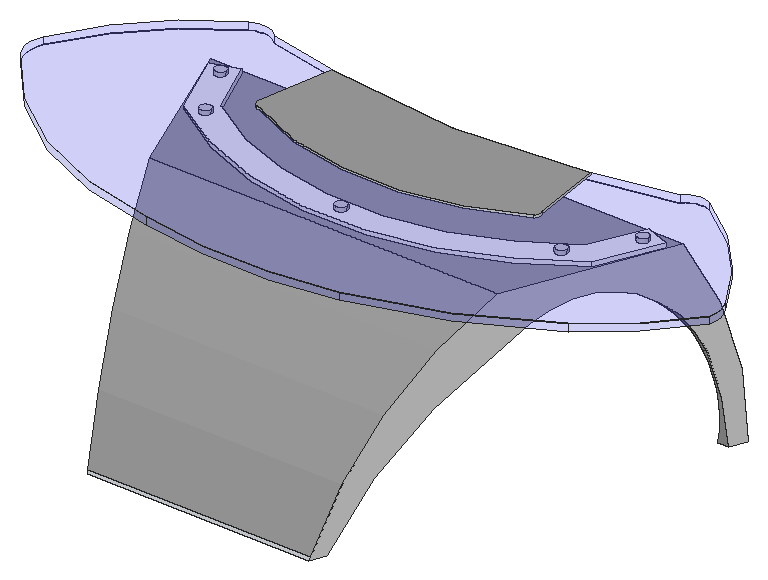
Revit family "Luna_Desk_by_Pininfarina_10488", category Furniture, Revit 2012
Reference planes (in)
  plane 1 "Center Front/Back": y = 0
  plane 2: z = 0
  plane 3 "Center Left/Right": x = 0
Forms (in)
  Extrusion 1, solid, material "Glass"
    sketch origin (0, 0, 0) x (1, 0, 0) y (0, 1, 0)
      loop
        arc (-26.04116, 7.4689) -> (-13.95154, 11.29876) -> (-2.79842, 17.33487) r 67.10111
        arc (-2.79842, 17.33487) -> (3.02278, 22.12026) -> (7.80818, 27.94147) r 38.76616
        arc (7.80818, 27.94147) -> (7.8692, 29.72922) -> (7.20042, 31.38829) r 4.31789
        arc (7.20042, 31.38829) -> (0.95947, 40.34918) -> (-7.54424, 47.2) r 38.54213
        arc (-7.54424, 47.2) -> (-9.3804, 47.53554) -> (-10.99107, 46.59223) r 2.683
        arc (-10.99107, 46.59223) -> (-38.61607, 42.47655) -> (-66.24107, 46.59223) r 94.76923
        arc (-66.24107, 46.59223) -> (-68.11848, 47.5834) -> (-70.20657, 47.2) r 3.24107
        arc (-70.20657, 47.2) -> (-78.94517, 40.30827) -> (-85.21054, 31.11022) r 36.62613
        arc (-85.21054, 31.11022) -> (-85.62599, 28.81528) -> (-84.81833, 26.62734) r 4.43022
        arc (-84.81833, 26.62734) -> (-70.58909, 13.59423) -> (-52.29116, 7.4689) r 46.44319
        arc (-52.29116, 7.4689) -> (-39.16616, 6.07143) -> (-26.04116, 7.4689) r 62.33351
    from 27.27507 to 28.30078
  Extrusion 2, solid
    sketch origin (0, 0, 0) x (1, 0, 0) y (0, 1, 0)
      loop
        arc (-21.21822, 44.0872) -> (-38.89135, 42.47695) -> (-56.55482, 44.18984) r 94.76923
        line (-56.55482, 44.18984) -> (-58.49503, 34.12515)
        arc (-58.49503, 34.12515) -> (-58.18437, 33.37515) -> (-57.43437, 33.06449) r 1.06066
        arc (-57.43437, 33.06449) -> (-38.80937, 28.18263) -> (-20.18437, 33.06449) r 37.96947
        arc (-20.18437, 33.06449) -> (-19.81896, 33.59026) -> (-20.0046, 34.20305) r 0.73488
        line (-20.0046, 34.20305) -> (-21.21822, 44.0872)
    from 28.30078 to 28.55078
  Extrusion 3, solid, material "White METAL"
    sketch origin (0, 0, 0) x (1, 0, 0) y (0, 1, 0)
      loop
        line (-69.69443, 39.67934) -> (-65.97249, 30.91099)
        arc (-65.97249, 30.91099) -> (-38.38837, 21.62188) -> (-11.0271, 31.54821) r 44.08509
        line (-11.0271, 31.54821) -> (-7.49444, 39.62152) -> (-10.78709, 40.81994) -> (-13.99439, 33.94187)
        arc (-13.99439, 33.94187) -> (-38.33084, 25.23511) -> (-62.90089, 33.259) r 39.92703
        line (-62.90089, 33.259) -> (-66.17059, 40.96192) -> (-69.69443, 39.67934)
    from 25.50714 to 26.80161
  Extrusion 4, solid, material "METAL"
    sketch origin (0, 0, 0) x (1, 0, 0) y (0, 1, 0)
      loop
        circle (-67.30299, 38.75933) r 0.75
      loop
        circle (-63.35095, 31.27649) r 0.75
      loop
        circle (-39.04628, 23.93749) r 0.75
      loop
        circle (-14.95394, 31.20457) r 0.75
      loop
        circle (-9.78615, 38.61549) r 0.75
    from 26.80161 to 27.27507
  Extrusion 5, solid
    sketch origin (0, 0, 0) x (0, 1, 0) y (0, 0, 1)
      loop
        line (46.46893, 0) -> (48.62703, 0)
        arc (48.62703, 0) -> (46.87051, 13.66448) -> (41.30267, 26.26617) r 47.96998
        line (41.30267, 26.26617) -> (20.60585, 26.26617)
        arc (20.60585, 26.26617) -> (7.83076, 15.1854) -> (-0.38671, 0.40502) r 48.71847
        arc (-0.38671, 0.40502) -> (-0.48023, 0.20273) -> (-0.57281, 0) r 47.63965
        line (-0.57281, 0) -> (1.43118, 0)
        arc (1.43118, 0) -> (6.71798, 7.78592) -> (13.45749, 14.35477) r 46.73538
        arc (13.45749, 14.35477) -> (18.70385, 18.20062) -> (24.23498, 21.62428) r 83.0922
        arc (24.23498, 21.62428) -> (30.23498, 23.20469) -> (36.23498, 21.62428) r 12.17961
        arc (36.23498, 21.62428) -> (40.92712, 17.72094) -> (43.95638, 12.42227) r 17.16108
        arc (43.95638, 12.42227) -> (45.65128, 6.29985) -> (46.46893, 0) r 45.09093
    from -76.36822 to 0.81329
  Extrusion 6, void
    sketch origin (0, -1, 0) x (1, 0, 0) y (0, 1, 0)
      loop
        line (-74.92424, 53) -> (-86.29944, 53) -> (-86.29944, -27.23107) -> (-61.43639, -24.61786) -> (-53.77495, 0.13627) -> (-74.92424, 53)
      loop
        line (-2.15658, 52.82033) -> (-23.86859, 0.39552) -> (-16.1269, -24.61786) -> (8.73614, -27.23107) -> (8.73614, 52.82033) -> (-2.15658, 52.82033)
    from 0 to 27.27507
  Extrusion 7, void
    sketch origin (0, 0, 0) x (1, 0, 0) y (0, 0, 1)
      loop
        arc (-5.88296, 0) -> (-5.49742, 10.03529) -> (-8.48474, 19.62339) r 29.6427
        arc (-8.48474, 19.62339) -> (-10.69562, 22.01147) -> (-13.82802, 22.89405) r 6
        line (-13.82802, 22.89405) -> (-62.17587, 22.89405)
        arc (-62.17587, 22.89405) -> (-66.54112, 21.59812) -> (-69.49211, 18.13019) r 8
        arc (-69.49211, 18.13019) -> (-71.86575, 9.21405) -> (-71.38296, 0) r 29.6427
        line (-71.38296, 0) -> (-30.0467, -29.83973) -> (-5.88296, 0)
    from -64.05612 to -27.94147
Cuts and joins
  Extrusion 6, Extrusion 7 cuts Extrusion 5
